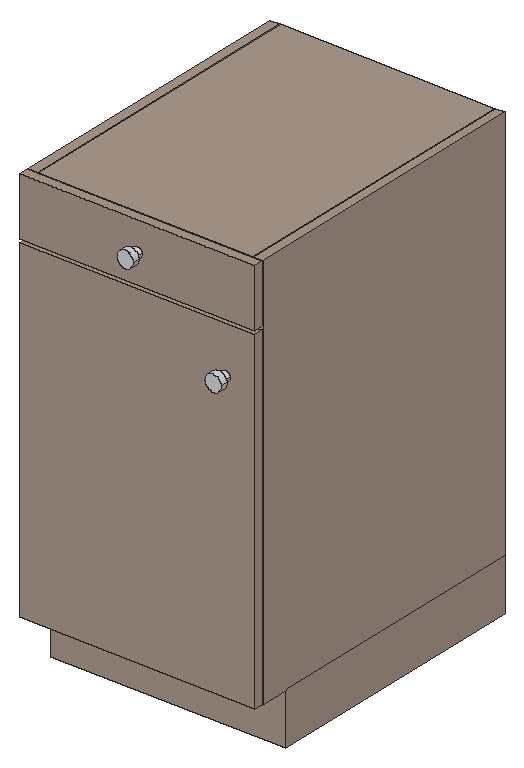
Revit family "AO_CW_CabinetsLower_Gen_FB_IRVINE_CO", category Casework, Revit 2019
Family settings
  Work Plane-Based = No
  Always vertical = Yes
  Cut with Voids When Loaded = No
  Shared = No
  Room Calculation Point = No
Parameters (values of type "18" kitchen")
  URL = "www.wicnet.org/manual_sections.asp"
  Top Panel Material = none
  Toe Panel Material = none
  Side Panel Material = none
  Shelf Panel Material = none
  Model = "211"
  Manufacturer = "Woodwork Institute"
  Keynote = ""
  Drawer Front Material = none
  Door Panel Material = none
  Description = "Base Cabinet w/ Drawers"
  Depth = 2' - 0"
  Height = 2' - 10 1/2"
  Width = 1' - 6"
  Cutting Board [instance] = no
  Counter Height = 3' - 0"
  Content Creator URL = "www.AECcontent.com"
  Content Creator = "AECcontent"
  Back Panel Material = none
  Assembly Code = "E2010200"
Reference planes (in)
  plane 1 "Back": y = 0
  plane 2 "Left": x = -11.2623
  plane 3 "Right": x = 6.7377
  plane 4 "Front": y = -24
  plane 5 "Top": z = 34.5
  plane 6: z = 4
  plane 7: z = 4
  plane 8: y = -21
  plane 9: z = 4
  plane 10: z = 30
  plane 11: z = 17
  plane 12: z = 29.75
  plane 13: x = -2.2623
  plane 14 "Top of Counter": z = 36
  plane 15: y = -0.75
  plane 16: y = -25
  plane 17: x = 4.4877
  plane 18: z = 32.25
Forms (in)
  Extrusion 1, solid, material <- "Back Panel Material"
    sketch origin (0, 0, 0) x (1, 0, 0) y (0, 0, 1)
      loop
        line (5.9877, 33.75) -> (-10.5123, 33.75) -> (-10.5123, 4) -> (5.9877, 4) -> (5.9877, 33.75)
    from 0 to 0.75
  Extrusion 2, solid, material <- "Shelf Panel Material"
    sketch origin (-0.09236, 0, -14.69269) x (1, 0, 0) y (0, 1, 0)
      loop
        line (-10.41994, -0.75) -> (-10.41994, -23.25) -> (6.08006, -23.25) -> (6.08006, -0.75) -> (-10.41994, -0.75)
    from 18.69269 to 19.44531
  Extrusion 3, solid, material <- "Toe Panel Material"
    sketch origin (0, 0, 0) x (1, 0, 0) y (0, 0, 1)
      loop
        line (-11.2623, 4) -> (-11.2623, 0) -> (6.7377, 0) -> (6.7377, 4) -> (-11.2623, 4)
    from 0 to 0.75
  Extrusion 4, solid, material <- "Toe Panel Material"
    sketch origin (6.7377, 0, 0) x (0, -1, 0) y (0, 0, 1)
      loop
        line (21, 4) -> (0, 4) -> (0, 0) -> (21, 0) -> (21, 4)
    from 0 to 0.75
  Extrusion 5, solid, material <- "Toe Panel Material"
    sketch origin (-11.2623, 0, 0) x (0, -1, 0) y (0, 0, 1)
      loop
        line (0, 4) -> (0, 0) -> (21, 0) -> (21, 4) -> (0, 4)
    from 0 to -0.75
  Extrusion 6, solid, material <- "Toe Panel Material"
    sketch origin (0, -21, 3) x (1, 0, 0) y (0, 0, 1)
      loop
        line (-11.2623, 1) -> (-11.2623, -3) -> (6.7377, -3) -> (6.7377, 1) -> (-11.2623, 1)
    from 0 to -0.75
  Extrusion 7, solid, material <- "Door Panel Material"
    sketch origin (0, -24, 0) x (1, 0, 0) y (0, 0, 1)
      loop
        line (-11.2623, 29.75) -> (-11.2623, 4) -> (6.7377, 4) -> (6.7377, 29.75) -> (-11.2623, 29.75)
    from 0 to -0.75
  Extrusion 8, solid, material <- "Top Panel Material"
    sketch origin (0, 0, 34.5) x (0, -1, 0) y (1, 0, 0)
      loop
        line (0, -10.5123) -> (23.25, -10.5123) -> (23.25, 5.9877) -> (0, 5.9877) -> (0, -10.5123)
    from 0 to -0.75
  Extrusion 9, solid, material <- "Side Panel Material"
    sketch origin (6.7377, 0, 0) x (0, -1, 0) y (0, 0, 1)
      loop
        line (23.25, 34.5) -> (0, 34.5) -> (0, 4) -> (23.25, 4) -> (23.25, 34.5)
    from 0 to 0.75
  Extrusion 10, solid, material <- "Side Panel Material"
    sketch origin (-11.2623, 0, 0) x (0, -1, 0) y (0, 0, 1)
      loop
        line (23.25, 34.5) -> (0, 34.5) -> (0, 4) -> (23.25, 4) -> (23.25, 34.5)
    from 0 to -0.75
  Extrusion 11, solid, material <- "Drawer Front Material"
    sketch origin (0, -24, 0) x (1, 0, 0) y (0, 0, 1)
      loop
        line (-11.2623, 34.5) -> (-11.2623, 30) -> (6.7377, 30) -> (6.7377, 34.5) -> (-11.2623, 34.5)
    from 0 to -0.75
Cuts and joins
  joined: Extrusion 3, Extrusion 4, Extrusion 5, Extrusion 6
Lines and regions (in)
  symbolic lines, style "Centerline"
    curve 1: line (6.7377, 0, 29.75) -> (-11.2623, 0, 17)
    curve 2: line (-11.2623, 0, 17) -> (6.7377, 0, 4)
  symbolic lines, style "Hidden Lines 1/16""
    curve 3: line (6.7377, 0, 17) -> (-11.2623, 0, 17)
    curve 4: line (6.7377, 0, 17.75) -> (-11.2623, 0, 17.75)
  symbolic lines, style "Elevation Swing"
    curve 5: line (0, -0.75, 17) -> (0, -23.25, 17)
    curve 6: line (0, -0.75, 17.75) -> (0, -23.25, 17.75)
    curve 7: line (0, -23.25, 30) -> (0, -0.75, 30)
    curve 8: line (0, -0.75, 30.75) -> (0, -23.25, 30.75)
  model lines, style "InvisibleLines"
    curve 9: line (-11.2623, 0, 36) -> (6.7377, 0, 36)
    curve 10: line (-11.2623, -24, 36) -> (-11.2623, 0, 36)
    curve 12: line (6.7377, 0, 36) -> (6.7377, -24, 36)
  model lines, style "AO_HiddenUnderCounter"
    curve 11: line (6.7377, -24, 36) -> (-11.2623, -24, 36)
Dimensions and locks (in)
  "Depth": plane 4 "Front" to plane 1 "Back"
  "Width": plane 2 "Left" to plane 3 "Right"
  equal spacing: plane 2 "Left", plane 13, plane 3 "Right"
  "Height": level to plane 5 "Top"
  locked: plane 5 "Top" to plane 10 at 4.5
  equal spacing: plane 10, plane 11, plane 9
  locked: plane 4 "Front" to plane 8 at 3
  locked: plane 9 to level at 4
  locked: plane 10 to plane 12 at 0.25
  locked: plane 15 to plane 1 "Back" at 0.75
  "Counter Height": plane 14 "Top of Counter" to level
  locked: plane 4 "Front" to plane 16 at 1
  locked: plane 17 to plane 3 "Right" at 2.25
  equal spacing: plane 5 "Top", plane 18, plane 10, locked at 2.25 each
  plane 2 "Left" to plane 13 to plane 3 "Right" = 0' - 9", 0' - 9"
  aligned and locked: Extrusion 3 sketch curve to plane 2 "Left"
  aligned and locked: plane 3 "Right" to Extrusion 3 sketch curve
  aligned and locked: Extrusion 6 sketch curve to plane 2 "Left"
  aligned and locked: plane 3 "Right" to Extrusion 6 sketch curve
  aligned and locked: Extrusion 10 sketch curve to Extrusion 9
  aligned and locked: Extrusion 10 to Extrusion 8 sketch curve
  aligned and locked: Extrusion 8 sketch curve to Extrusion 9
  aligned and locked: Extrusion 7 sketch curve to Extrusion 10
  aligned and locked: Extrusion 1 sketch curve to Extrusion 9
  aligned and locked: Extrusion 1 sketch curve to Extrusion 10
  aligned and locked: Extrusion 11 to Extrusion 8 sketch curve
  aligned and locked: Extrusion 11 to Extrusion 2 sketch curve
  aligned and locked: Extrusion 7 sketch curve to Extrusion 9
  aligned and locked: Extrusion 11 sketch curve to Extrusion 9
  aligned and locked: plane 3 "Right" to curve 1
  aligned and locked: plane 11 to curve 2
  aligned and locked: nested 1 to plane 13
  aligned and locked: nested 1 to plane 16
  aligned and locked: nested 2 to plane 17
  aligned and locked: nested 3 to plane 18
Automatic sketch dimensions
  Extrusion 3 sketch curve to level = 0' - 0"
  Extrusion 3 sketch curve to plane 6 = 0' - 0"
  Extrusion 4 sketch curve to plane 1 "Back" = 0' - 0"
  Extrusion 4 sketch curve to level = 0' - 0"
  Extrusion 4 sketch curve to plane 8 = 0' - 0"
  Extrusion 4 sketch curve to plane 6 = 0' - 0"
  Extrusion 5 sketch curve to level = 0' - 0"
  Extrusion 5 sketch curve to plane 1 "Back" = 0' - 0"
  Extrusion 5 sketch curve to plane 8 = 0' - 0"
  Extrusion 5 sketch curve to plane 6 = 0' - 0"
  Extrusion 6 sketch curve to level = 0' - 0"
  Extrusion 6 sketch curve to plane 6 = 0' - 0"
  Extrusion 7 sketch curve to plane 6 = 0' - 0"
  plane 5 "Top" to Extrusion 1 sketch curve = 0' - 0 3/4"
  Extrusion 9 sketch curve to plane 6 = 0' - 0"
  Extrusion 9 sketch curve to plane 5 "Top" = 0' - 0"
  Extrusion 10 sketch curve to plane 6 = 0' - 0"
  Extrusion 10 sketch curve to plane 5 "Top" = 0' - 0"
  Extrusion 11 sketch curve to plane 2 "Left" = 0' - 0"
  Extrusion 11 sketch curve to plane 5 "Top" = 0' - 0"
  Extrusion 8 sketch curve to plane 1 "Back" = 0' - 0"
  Extrusion 9 sketch curve to plane 1 "Back" = 0' - 0"
  Extrusion 1 sketch curve to plane 6 = 0' - 0"
  Extrusion 9 sketch curve to plane 4 "Front" = 0' - 0 3/4"
  Extrusion 2 sketch curve to plane 2 "Left" = 0' - 0 3/4"
  plane 3 "Right" to Extrusion 2 sketch curve = 0' - 0 3/4"
  Extrusion 11 sketch curve to plane 10 = 0' - 0"
  plane 1 "Back" to Extrusion 2 sketch curve = 0' - 0 3/4"
  Extrusion 10 sketch curve to plane 4 "Front" = 0' - 0 3/4"
  Extrusion 7 sketch curve to plane 12 = 0' - 0"
  curve 7 to plane 10 = 0' - 0"
  curve 5 to plane 11 = 0' - 0"
  plane 1 "Back" to curve 8 = 0' - 0 3/4"
  plane 1 "Back" to curve 6 = 0' - 0 3/4"
  plane 1 "Back" to curve 7 = 0' - 0 3/4"
  plane 1 "Back" to curve 5 = 0' - 0 3/4"
  curve 7 to plane 4 "Front" = 0' - 0 3/4"
  curve 6 to plane 4 "Front" = 0' - 0 3/4"
  curve 8 to plane 4 "Front" = 0' - 0 3/4"
  curve 5 to curve 6 = 0' - 0"
  curve 5 to curve 6 = 0' - 0 3/4"
  curve 8 to plane 10 = 0' - 0 3/4"
  plane 2 "Left" to curve 1 = 0' - 0"
  plane 2 "Left" to curve 4 = 0' - 0"
  plane 3 "Right" to curve 3 = 0' - 0"
  plane 3 "Right" to curve 4 = 0' - 0"
  plane 3 "Right" to curve 2 = 0' - 0"
  curve 2 to plane 6 = 0' - 0"
  curve 3 to curve 4 = 0' - 0 3/4"
  plane 10 to curve 1 = 0' - 0 1/4"
  plane 1 "Back" to curve 9 = 0' - 0"
  curve 9 to plane 3 "Right" = 0' - 0"
  curve 10 to plane 2 "Left" = 0' - 0"
  plane 4 "Front" to curve 11 = 0' - 0"
Nested families (in)
  nested 1: "BreadBoard" at (-2.2623, -25, 0), visible <- "Cutting Board", type "BreadBoard"
  nested 2: "Family1" at (4.4877, -24, 26.125) x (1, 0, 0) z (0, -1, 0), type "Family1"
  nested 3: "Family1" at (-2.2623, -24, 32.25) x (1, 0, 0) z (0, -1, 0), type "Family1"
Definition of nested family "BreadBoard"
  Parameters (values of type "BreadBoard")
    Top Panel Material = none
    Keynote = "3002"
  Reference planes (in)
    plane 1 "Center Front/Back": y = 0
    plane 2: z = 0
    plane 3 "Center Left/Right": x = 0
    plane 4: x = -7.49916
    plane 5: x = 7.49916
    plane 6: y = 11
    plane 7 "Countertop": z = 36
    plane 8: y = -11
    plane 9: z = 34
  Forms (in)
    Extrusion 1, solid, material <- "Top Panel Material"
      sketch origin (12.85067, 11.62058, 0) x (0, -1, 0) y (1, 0, 0)
        loop
          line (0.62058, -20.34983) -> (22.62058, -20.34983) -> (22.62058, -5.35151) -> (0.62058, -5.35151) -> (0.62058, -20.34983)
      from 33.25 to 34
  Lines and regions (in)
    model lines
      curve 1: line (-7.49916, 11, 36) -> (7.49916, 11, 36)
      curve 2: line (-7.49916, -11, 36) -> (-7.49916, 11, 36)
      curve 3: line (7.49916, -11, 36) -> (-7.49916, -11, 36)
      curve 4: line (7.49916, 11, 36) -> (7.49916, -11, 36)
  Dimensions and locks (in)
    equal spacing: plane 4, plane 3 "Center Left/Right", plane 5
    plane 4 to plane 5 = 1' - 2.99832"
    equal spacing: plane 8, plane 1 "Center Front/Back", plane 6
    plane 7 "Countertop" to level = 3' - 0"
    plane 8 to plane 6 = 1' - 10"
    plane 9 to level = 2' - 10"
    aligned and locked: level to plane 2
    aligned and locked: plane 4 to Extrusion 1
    aligned and locked: plane 6 to Extrusion 1
    aligned and locked: Extrusion 1 to plane 5
    aligned and locked: plane 8 to Extrusion 1
    aligned and locked: curve 4 to plane 5
    aligned and locked: curve 1 to plane 6
    aligned and locked: curve 2 to plane 4
    aligned and locked: curve 3 to plane 8
  Automatic sketch dimensions
    Extrusion 1 sketch curve to plane 5 = 0' - 0"
    Extrusion 1 sketch curve to plane 6 = 0' - 0"
    Extrusion 1 sketch curve to plane 4 = 0' - 0"
    plane 8 to Extrusion 1 sketch curve = 0' - 0"
Definition of nested family "Family1"
  Parameters (values of type "Family1")
    Default Elevation = 4' - 0"
  Reference planes (in)
    plane 1 "Center (Front/Back)": y = 0
    plane 2: z = 0
    plane 3 "Center (Left/Right)": x = 0
  Forms (in)
    Extrusion 1, solid
      sketch origin (0, 0, 0) x (1, 0, 0) y (0, 1, 0)
        loop
          line (-48, 48) -> (-48, -48) -> (48, -48) -> (48, 48) -> (-48, 48)
      from 0 to -12
    Blend 2, solid
      base sketch origin (0, 0, 0) x (1, 0, 0) y (0, 1, 0)
        loop
          circle (0, 0) r 0.375
      top sketch origin (0, 0, 0) x (1, 0, 0) y (0, 1, 0)
        loop
          circle (0, 0) r 0.25
      from 0 to 0.625
    Extrusion 3, solid
      sketch origin (0, 0, 0) x (1, 0, 0) y (0, 1, 0)
        loop
          circle (0, 0) r 0.625
      from 0.625 to 1.125
  Dimensions and locks (in)
    aligned and locked: plane 2 to Extrusion 1
    aligned and locked: level to Extrusion 1
